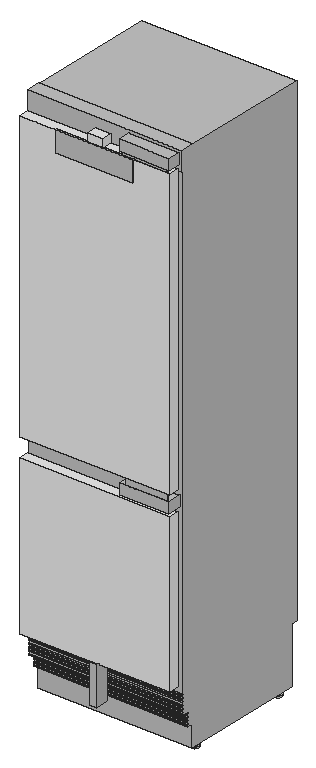
Revit family "FP_Revit_18_RS6121WRUK1_Fridge_90001108A", category Specialty Equipment, Revit 2018
Family settings
  Round Connector Dimension = Use Diameter
  Part Type = Normal
  OmniClass Number = 23.40.40.11.11
  OmniClass Title = Refrigerators and Freezers
  Work Plane-Based = No
  Always vertical = Yes
  Cut with Voids When Loaded = Yes
  Shared = No
  Room Calculation Point = No
Parameters
  Visibility - Visibility Control Note = yes
  Visibility - Clearance Required = yes
  URL = "www.fisherpaykel.com"
  Stainless Steel Door Panels (RD6121WRD) = no
  Product - Width = 603 mm  # constant formula
  Product - Height = 2134 mm  # constant formula
  Product - Depth (exl front panel) = 610 mm  # constant formula
  Model = "RS6121WRUK1"
  Material - Handle = Fisher & Paykel - Aluminium, Dark
  Material - Door Structure = Fisher & Paykel - White
  Material - Door Front = Fisher & Paykel - Stainless Steel
  Material - Body = Fisher & Paykel - Grey
  Manufacturer = "Fisher & Paykel Appliances"
  Handle Style - Contemporary Square Fine Black (AHD5RD6121WB) = no
  Handle Style - Contemporary Square Fine (AHD5RD6121W) = no
  Handle Style - Contemporary Square (AHD3RD6121W) = no
  Handle Style - Contemporary Round (AHSRD6121W) = no
  Description = "61cm Integrated Column Refrigerator/Freezer with Ice & Water"
  Connector Description - Water = "1/2 BSP Stainless steel braided hose"
  Connector Description - Electrical = "230 V, 10 amp fused electrical supply"
  Cavity - Width = 610 mm  # constant formula
  Cavity - Height = 2134 mm  # constant formula
  Cavity - Depth = 650 mm  # constant formula
Reference planes
  plane 1 "Datum": y = 0
  plane 2: z = 0
  plane 3 "Center (Left/Right)": x = 0
  plane 4 "Product LHS": x = -301.5
  plane 5 "Product RHS": x = 301.5
  plane 6 "Product - Depth": y = 610
  plane 7: x = -305
  plane 8: x = 305
  plane 9 "Cavity - Depth": y = 628
  plane 10 "Handle Offset": x = -238.5
  plane 11 "Product Height": z = 2134
  plane 12 "Cavity Height": z = 2134
  plane 13 "Door Panel Datum": y = -4.1
Forms (mm)
  Extrusion 1, solid, material "Fisher & Paykel - Grey" <- "Material - Body", detail levels fine
    sketch origin (0, 0, 0) x (0, 1, 0) y (0, 0, 1)
      loop
        line (100.1, 19.1) -> (587.9, 19.1) -> (587.9, 239.7) -> (610, 239.7) -> (610, 2132.3) -> (105.1, 2132.3) -> (105.1, 2134) -> (49.9, 2134) -> (49.9, 2059) -> (56, 2059) -> (56, 228.6) -> (59.5, 228.6) -> (59.5, 219.7) -> (56.5, 219.7) -> (56.5, 215.9) -> (59.5, 215.9) -> (59.5, 207) -> (56.5, 207) -> (56.5, 203.2) -> (59.5, 203.2) -> (59.5, 194.3) -> (56.5, 194.3) -> (56.5, 190.5) -> (59.5, 190.5) -> (59.5, 181.6) -> (56.5, 181.6) -> (56.5, 177.8) -> (59.5, 177.8) -> (59.5, 168.9) -> (56.5, 168.9) -> (56.5, 165.1) -> (59.5, 165.1) -> (59.5, 156.2) -> (56.5, 156.2) -> (56.5, 152.4) -> (84.1, 152.4) -> (84.1, 143.5) -> (81.1, 143.5) -> (81.1, 139.7) -> (84.1, 139.7) -> (84.1, 130.8) -> (81.1, 130.8) -> (81.1, 127) -> (84.1, 127) -> (84.1, 118.1) -> (81.1, 118.1) -> (81.1, 114.3) -> (84.1, 114.3) -> (84.1, 105.4) -> (81.1, 105.4) -> (81.1, 101.6) -> (100.1, 101.6) -> (100.1, 19.1)
    from -301.5 to 301.5
  Extrusion 2, solid, material "Fisher & Paykel - Grey" <- "Material - Body"
    sketch origin (0, 0, 0) x (1, 0, 0) y (0, 1, 0)
      loop
        circle (-281, 547.8) r 4.1
      loop
        circle (-281, 141.8) r 4.1
      loop
        circle (281, 547.8) r 4.1
      loop
        circle (281, 141.8) r 4.1
    from 3 to 19.1
  Extrusion 3, solid, material "Fisher & Paykel - Grey" <- "Material - Body"
    sketch origin (0, 0, 0) x (1, 0, 0) y (0, 1, 0)
      loop
        circle (-281, 547.8) r 14.5
      loop
        circle (-281, 141.8) r 14.555
      loop
        circle (281, 547.8) r 14.5
      loop
        circle (281, 141.8) r 14.555
    from 0 to 3
  Extrusion 4, solid, material "Fisher & Paykel - Grey" <- "Material - Body", detail levels fine
    sketch origin (0, 0, 0) x (1, 0, 0) y (0, 1, 0)
      loop
        line (-7.5, 49) -> (-13.797, -4.1) -> (13.797, -4.1) -> (7.5, 49) -> (-7.5, 49)
    from 104.2 to 253.8
  Extrusion 5, solid, material "Fisher & Paykel - Grey" <- "Material - Body", detail levels fine
    sketch origin (0, 0, 0) x (1, 0, 0) y (0, 0, 1)
      loop
        line (289.9, 2123.15) -> (95.42, 2123.15) -> (95.42, 2081.05) -> (289.9, 2081.05) -> (289.9, 2123.15)
    from -49 to -2.5
  Extrusion 6, solid, material "Fisher & Paykel - Grey" <- "Material - Body", detail levels fine
    sketch origin (0, 0, 0) x (0, 1, 0) y (0, 0, 1)
      loop
        line (0, 2070.6) -> (0, 1988.6) -> (2, 1988.6) -> (2, 2068.6) -> (4, 2068.6) -> (4, 2070.6) -> (0, 2070.6)
    from -150 to 150
  Extrusion 7, solid, material "Fisher & Paykel - Grey" <- "Material - Body"
    sketch origin (0, 0, 0) x (1, 0, 0) y (0, 0, 1)
      loop
        circle (226.5, 119.813) r 5
      loop
        circle (-226.5, 119.813) r 5
    from -590 to -587.9
  Extrusion 8, solid, material "Fisher & Paykel - White" <- "Material - Door Structure"
    sketch origin (0, 0, 0) x (1, 0, 0) y (0, 1, 0)
      loop
        line (-276.5, 56) -> (-276.5, 42) -> (276.5, 42) -> (276.5, 56) -> (-276.5, 56)
    from 951.3 to 2030.7
  Extrusion 9, solid, material "Fisher & Paykel - White" <- "Material - Door Structure"
    sketch origin (0, 0, 0) x (1, 0, 0) y (0, 1, 0)
      loop
        line (-292.9, 42) -> (-292.9, 3) -> (292.9, 3) -> (292.9, 42) -> (-292.9, 42)
    from 943.8 to 2068.6
  Extrusion 10, solid, material "Fisher & Paykel - White" <- "Material - Door Structure", detail levels fine
    sketch origin (0, 0, 0) x (1, 0, 0) y (0, 0, 1)
      loop
        line (-29.5, 2100.1) -> (-29.5, 2068.6) -> (29.5, 2068.6) -> (29.5, 2100.1) -> (-29.5, 2100.1)
    from -42 to -3
  Extrusion 11, solid, material "Fisher & Paykel - Stainless Steel" <- "Material - Door Front", visible <- "Stainless Steel Door Panels (RD6121WRD)"
    sketch origin (0, 0, 0) x (0, 1, 0) y (0, 0, 1)
      loop
        line (-22.1, 2130.8) -> (-22.1, 876.3) -> (-4.1, 876.3) -> (-4.1, 2130.8) -> (-22.1, 2130.8)
      loop
        line (-22.1, 102) -> (-4.1, 102) -> (-4.1, 873.1) -> (-22.1, 873.1) -> (-22.1, 102)
    from -301.5 to 301.5
  Extrusion 12, solid, material "Fisher & Paykel - Grey" <- "Material - Body", detail levels coarse+medium
    sketch origin (0, 0, 0) x (0, 1, 0) y (0, 0, 1)
      loop
        line (49.9, 2134) -> (49.9, 2059) -> (56, 2059) -> (56, 152.4) -> (81.1, 152.4) -> (81.1, 101.6) -> (100.1, 101.6) -> (100.1, 19.1) -> (587.9, 19.1) -> (587.9, 239.7) -> (610, 239.7) -> (610, 2134) -> (49.9, 2134)
    from -301.5 to 301.5
  Extrusion 13, solid, material "Fisher & Paykel - Grey" <- "Material - Body", detail levels fine
    sketch origin (0, 0, 0) x (1, 0, 0) y (0, 0, 1)
      loop
        line (289.9, 877.25) -> (289.9, 919.35) -> (95.42, 919.35) -> (95.42, 877.25) -> (289.9, 877.25)
    from -56 to -2.5
  Extrusion 14, solid, material "Fisher & Paykel - Grey" <- "Material - Body", detail levels fine
    sketch origin (0, 0, -4) x (0, 1, 0) y (0, 0, 1)
      loop
        arc (163.888, 23.1) -> (180.4, 13.63) -> (196.912, 23.1) r 19.13
        line (196.912, 23.1) -> (163.888, 23.1)
      loop
        arc (493.888, 23.1) -> (510.4, 13.63) -> (526.912, 23.1) r 19.13
        line (526.912, 23.1) -> (493.888, 23.1)
    from 191 to 219
  Extrusion 15, solid, material "Fisher & Paykel - Grey" <- "Material - Body", detail levels fine
    sketch origin (0, 0, -4) x (0, 1, 0) y (0, 0, -1)
      loop
        line (163.888, -23.1) -> (196.912, -23.1)
        arc (196.912, -23.1) -> (180.4, -13.63) -> (163.888, -23.1) r 19.13
      loop
        line (493.888, -23.1) -> (526.912, -23.1)
        arc (526.912, -23.1) -> (510.4, -13.63) -> (493.888, -23.1) r 19.13
    from 191 to 219
  Extrusion 16, solid, material "Fisher & Paykel - Clearance Required", visible <- "Visibility - Clearance Required", detail levels coarse
    sketch origin (0, 0, 0) x (1, 0, 0) y (0, 1, 0)
      loop
        line (-305, 628) -> (-305, -4.1) -> (305, -4.1) -> (305, 628) -> (-305, 628)
    from 0 to 2134
  Extrusion 17, void
    sketch origin (0, 0, 0) x (1, 0, 0) y (0, 1, 0)
      loop
        line (-305, 628) -> (-305, -22.1) -> (305, -22.1) -> (305, 628) -> (-305, 628)
    from 0 to 2134
  Extrusion 18, solid, material "Fisher & Paykel - Grey" <- "Material - Body", detail levels fine
    sketch origin (0, 0, 0) x (1, 0, 0) y (0, 0, 1)
      loop
        line (118.4, 943.8) -> (118.4, 919.35) -> (282.9, 919.35) -> (282.9, 943.8) -> (118.4, 943.8)
      loop
        line (106, 2081.05) -> (106, 2068.6) -> (282.9, 2068.6) -> (282.9, 2076.05) -> (242.9, 2081.05) -> (106, 2081.05)
    from -7 to -4
  Extrusion 19, solid, material "Fisher & Paykel - White" <- "Material - Door Structure"
    sketch origin (0, 0, 0) x (1, 0, 0) y (0, 1, 0)
      loop
        line (-292.9, 42) -> (-292.9, 3) -> (292.9, 3) -> (292.9, 42) -> (-292.9, 42)
    from 253.8 to 868.15
  Extrusion 20, solid, material "Fisher & Paykel - White" <- "Material - Door Structure"
    sketch origin (0, 0, 0) x (1, 0, 0) y (0, 1, 0)
      loop
        line (-276.5, 56) -> (-276.5, 42) -> (276.5, 42) -> (276.5, 56) -> (-276.5, 56)
    from 269.2 to 858.13
  Extrusion 21, solid, material "Fisher & Paykel - Clearance Required", visible <- "Visibility - Clearance Required", detail levels coarse
    sketch origin (0, 0, 0) x (0, 1, 0) y (0, 0, 1)
      loop
        line (-422.1, 873.1) -> (-422.1, 818.896) -> (-482.1, 818.896) -> (-482.1, 781.896) -> (-422.1, 781.896) -> (-422.1, 101.6) -> (-22.1, 101.6) -> (-22.1, 873.1) -> (-422.1, 873.1)
    from -305 to 305
  Extrusion 22, solid, material "Fisher & Paykel - Clearance Required", visible <- "Visibility - Clearance Required", detail levels coarse
    sketch origin (0, 0, 0) x (1, 0, 0) y (0, 1, 0)
      loop
        line (301.57, -22) -> (-301.499, -22)
        arc (-301.499, -22) -> (-14.719, -560.594) -> (593.643, -607.728) r 633.937
        line (593.643, -607.728) -> (571.638, -560.412) -> (599.086, -547.613)
        arc (599.086, -547.613) -> (608.033, -523.032) -> (583.452, -514.085) r 18.497
        line (583.452, -514.085) -> (556.046, -526.865) -> (339.373, -60.633)
        arc (339.373, -60.633) -> (304.463, -56.981) -> (301.57, -22) r 27.504
    from 876.3 to 2134
Lines and regions (mm)
  model lines, style "Fisher & Paykel"
    curve 1: line (-301.5, -4.1, 2130.8) -> (301.5, -4.1, 2130.8)
    curve 2: line (-301.5, -4.1, 876.3) -> (-301.5, -4.1, 2130.8)
    curve 3: line (301.5, -4.1, 876.3) -> (-301.5, -4.1, 876.3)
    curve 4: line (301.5, -4.1, 2130.8) -> (301.5, -4.1, 876.3)
    curve 5: line (301.5, -4.1, 873.1) -> (-301.5, -4.1, 873.1)
    curve 6: line (301.5, -4.1, 102) -> (301.5, -4.1, 873.1)
    curve 7: line (-301.5, -4.1, 102) -> (301.5, -4.1, 102)
    curve 8: line (-301.5, -4.1, 873.1) -> (-301.5, -4.1, 102)
Text (mm)
  text "Due to ongoing product development, product details are subject to change without notice. \nPlease always refer to www.fisherpaykel.com for the most current product information. \n© Fisher & Paykel 2020" at (41.04, -678.295, 0), in view "Ref. Level (Plan)"
Dimensions and locks
  equal spacing: plane 4 "Product LHS", plane 3 "Center (Left/Right)", plane 5 "Product RHS"
  "Product - Width": plane 4 "Product LHS" to plane 5 "Product RHS"
  "Product - Depth (exl front panel)": plane 1 "Datum" to plane 6 "Product - Depth"
  equal spacing: plane 7, plane 3 "Center (Left/Right)", plane 8
  "Cavity - Width": plane 7 to plane 8
  plane 4 "Product LHS" to Extrusion 2 sketch curve = 24.6 mm
  plane 4 "Product LHS" to plane 10 "Handle Offset" = 63 mm
  Extrusion 7 sketch curve to Extrusion 1 = 119.887 mm  (x2)
  Extrusion 7 sketch curve to plane 5 "Product RHS" = 75 mm
  plane 4 "Product LHS" to Extrusion 7 sketch curve = 75 mm
  Extrusion 1 sketch curve to Extrusion 1 sketch curve = 82.5 mm
  Extrusion 1 sketch curve to Extrusion 1 sketch curve = 209.5 mm
  Extrusion 1 sketch curve to Extrusion 1 sketch curve = 220.6 mm
  Extrusion 3 to level = 3 mm
  Extrusion 12 to Extrusion 9 = 924.7 mm
  Extrusion 12 to Extrusion 8 = 932.2 mm
  Extrusion 12 to Extrusion 12 = 2114.9 mm
  Extrusion 12 to Extrusion 11 = 82.9 mm
  "Product - Height": level to plane 11 "Product Height"
  plane 11 "Product Height" to Extrusion 11 = 3.2 mm
  Extrusion 9 to plane 11 "Product Height" = 65.4 mm
  Extrusion 8 to plane 11 "Product Height" = 103.3 mm
  Extrusion 12 sketch curve to plane 11 "Product Height" = 75 mm
  Extrusion 1 sketch curve to plane 11 "Product Height" = 1.7 mm
  Extrusion 1 sketch curve to plane 11 "Product Height" = 75 mm
  "Cavity - Height": plane 12 "Cavity Height" to level
  plane 1 "Datum" to Extrusion 16 = 628 mm
  plane 1 "Datum" to Extrusion 17 = 628 mm
  Extrusion 18 sketch curve to Extrusion 18 sketch curve = 40 mm
  Extrusion 18 sketch curve to plane 3 "Center (Left/Right)" = 106 mm
  Extrusion 18 sketch curve to Extrusion 18 sketch curve = 176.9 mm
  Extrusion 18 sketch curve to plane 3 "Center (Left/Right)" = 118.4 mm
  plane 3 "Center (Left/Right)" to Extrusion 18 sketch curve = 282.9 mm
  Extrusion 17 to level = 2134 mm
  "Cavity - Depth": Extrusion 17 to Extrusion 22
  Extrusion 22 to plane 1 "Datum" = 22 mm
  radius of Extrusion 7 sketch curve = 5 mm
  aligned and locked: level to plane 2
  aligned and locked: Extrusion 11 to plane 5 "Product RHS"
  aligned and locked: plane 4 "Product LHS" to Extrusion 11
  aligned and locked: Extrusion 12 to plane 5 "Product RHS"
  aligned and locked: Extrusion 12 to plane 4 "Product LHS"
  aligned and locked: Extrusion 12 sketch curve to plane 11 "Product Height"
  aligned and locked: plane 11 "Product Height" to Extrusion 1 sketch curve
  aligned and locked: Extrusion 14 sketch curve to Extrusion 14 sketch curve
  aligned and locked: Extrusion 15 sketch curve to Extrusion 15 sketch curve
  aligned and locked: Extrusion 1 to plane 5 "Product RHS"
  aligned and locked: plane 4 "Product LHS" to Extrusion 1
  aligned and locked: nested 2 to plane 10 "Handle Offset"
  aligned and locked: nested 3 to plane 10 "Handle Offset"
  aligned and locked: nested 4 to plane 10 "Handle Offset"
  aligned and locked: nested 5 to plane 10 "Handle Offset"
Automatic sketch dimensions
  Extrusion 1 sketch curve to plane 6 "Product - Depth" = 0 mm
  Extrusion 1 sketch curve to Extrusion 1 sketch curve = 22.1 mm
  Extrusion 1 sketch curve to plane 1 "Datum" = 105.1 mm
  level to Extrusion 1 sketch curve = 19.1 mm
  Extrusion 1 sketch curve to plane 1 "Datum" = 100.1 mm
  Extrusion 1 sketch curve to Extrusion 1 sketch curve = 16 mm
  Extrusion 1 sketch curve to Extrusion 1 sketch curve = 0 mm  (x8)
  Extrusion 1 sketch curve to Extrusion 1 sketch curve = 3 mm  (x10)
  Extrusion 1 sketch curve to plane 1 "Datum" = 59.5 mm
  Extrusion 1 sketch curve to plane 1 "Datum" = 56 mm
  Extrusion 1 sketch curve to plane 1 "Datum" = 49.9 mm
  Extrusion 1 sketch curve to Extrusion 1 sketch curve = 3.8 mm  (x10)
  Extrusion 1 sketch curve to Extrusion 1 sketch curve = 8.9 mm  (x9)
  Extrusion 2 sketch curve to plane 4 "Product LHS" = 20.5 mm  (x2)
  plane 5 "Product RHS" to Extrusion 2 sketch curve = 20.5 mm  (x2)
  Extrusion 2 sketch curve to plane 1 "Datum" = 141.8 mm  (x2)
  Extrusion 2 sketch curve to plane 6 "Product - Depth" = 62.2 mm  (x2)
  Extrusion 3 sketch curve to plane 4 "Product LHS" = 20.5 mm  (x2)
  plane 5 "Product RHS" to Extrusion 3 sketch curve = 20.5 mm  (x2)
  Extrusion 3 sketch curve to plane 1 "Datum" = 141.8 mm  (x2)
  Extrusion 3 sketch curve to plane 6 "Product - Depth" = 62.2 mm  (x2)
  plane 1 "Datum" to Extrusion 4 sketch curve = 4.1 mm
  Extrusion 4 sketch curve to plane 3 "Center (Left/Right)" = 13.797 mm
  Extrusion 4 sketch curve to plane 3 "Center (Left/Right)" = 7.5 mm
  plane 3 "Center (Left/Right)" to Extrusion 4 sketch curve = 7.5 mm
  plane 3 "Center (Left/Right)" to Extrusion 4 sketch curve = 13.797 mm
  Extrusion 4 sketch curve to plane 1 "Datum" = 49 mm
  plane 11 "Product Height" to Extrusion 5 sketch curve = 10.85 mm
  plane 3 "Center (Left/Right)" to Extrusion 5 sketch curve = 95.42 mm
  plane 5 "Product RHS" to Extrusion 5 sketch curve = 11.6 mm
  Extrusion 5 sketch curve to Extrusion 5 sketch curve = 42.1 mm
  Extrusion 6 sketch curve to plane 1 "Datum" = 0 mm
  Extrusion 6 sketch curve to plane 1 "Datum" = 2 mm
  Extrusion 6 sketch curve to Extrusion 6 sketch curve = 2 mm  (x2)
  plane 11 "Product Height" to Extrusion 6 sketch curve = 145.4 mm
  plane 11 "Product Height" to Extrusion 6 sketch curve = 65.4 mm
  Extrusion 8 sketch curve to plane 4 "Product LHS" = 25 mm
  plane 5 "Product RHS" to Extrusion 8 sketch curve = 25 mm
  Extrusion 8 sketch curve to plane 1 "Datum" = 42 mm
  Extrusion 8 sketch curve to Extrusion 8 sketch curve = 14 mm
  Extrusion 9 sketch curve to plane 1 "Datum" = 3 mm
  Extrusion 9 sketch curve to plane 4 "Product LHS" = 8.6 mm
  plane 5 "Product RHS" to Extrusion 9 sketch curve = 8.6 mm
  Extrusion 9 sketch curve to Extrusion 9 sketch curve = 39 mm
  Extrusion 10 sketch curve to plane 3 "Center (Left/Right)" = 29.5 mm
  plane 3 "Center (Left/Right)" to Extrusion 10 sketch curve = 29.5 mm
  plane 11 "Product Height" to Extrusion 10 sketch curve = 65.4 mm
  Extrusion 10 sketch curve to Extrusion 10 sketch curve = 31.5 mm
  Extrusion 12 sketch curve to plane 6 "Product - Depth" = 0 mm
  Extrusion 12 sketch curve to plane 6 "Product - Depth" = 22.1 mm
  Extrusion 12 sketch curve to plane 1 "Datum" = 100.1 mm
  Extrusion 12 sketch curve to Extrusion 12 sketch curve = 19 mm
  Extrusion 12 sketch curve to plane 1 "Datum" = 56 mm
  Extrusion 12 sketch curve to plane 1 "Datum" = 49.9 mm
  level to Extrusion 12 sketch curve = 239.7 mm
  level to Extrusion 12 sketch curve = 152.4 mm
  Extrusion 12 sketch curve to Extrusion 12 sketch curve = 50.8 mm
  level to Extrusion 12 sketch curve = 19.1 mm
  plane 3 "Center (Left/Right)" to Extrusion 13 sketch curve = 95.42 mm
  plane 5 "Product RHS" to Extrusion 13 sketch curve = 11.6 mm
  level to Extrusion 13 sketch curve = 877.25 mm
  Extrusion 13 sketch curve to Extrusion 13 sketch curve = 42.1 mm
  level to Extrusion 14 sketch curve = 19.1 mm
  Extrusion 14 sketch curve to plane 1 "Datum" = 163.888 mm
  Extrusion 14 sketch curve to Extrusion 14 sketch curve = 16.512 mm  (x2)
  Extrusion 14 sketch curve to plane 6 "Product - Depth" = 116.112 mm
  Extrusion 14 sketch curve to Extrusion 14 sketch curve = 9.66 mm  (x2)
  level to Extrusion 15 sketch curve = 19.1 mm
  Extrusion 15 sketch curve to plane 1 "Datum" = 163.888 mm
  Extrusion 15 sketch curve to Extrusion 15 sketch curve = 16.512 mm  (x2)
  Extrusion 15 sketch curve to plane 6 "Product - Depth" = 116.112 mm
  Extrusion 15 sketch curve to Extrusion 15 sketch curve = 9.66 mm  (x2)
  Extrusion 16 sketch curve to plane 7 = 0 mm
  Extrusion 16 sketch curve to plane 8 = 0 mm
  Extrusion 16 sketch curve to plane 9 "Cavity - Depth" = 0 mm
  plane 1 "Datum" to Extrusion 16 sketch curve = 4.1 mm
  Extrusion 17 sketch curve to plane 7 = 0 mm
  Extrusion 17 sketch curve to plane 8 = 0 mm
  Extrusion 17 sketch curve to plane 9 "Cavity - Depth" = 0 mm
  plane 1 "Datum" to Extrusion 17 sketch curve = 22.1 mm
  level to Extrusion 18 sketch curve = 919.35 mm
  Extrusion 18 sketch curve to Extrusion 18 sketch curve = 24.45 mm
  plane 11 "Product Height" to Extrusion 18 sketch curve = 65.4 mm
  Extrusion 18 sketch curve to Extrusion 18 sketch curve = 7.45 mm
  Extrusion 18 sketch curve to Extrusion 18 sketch curve = 5 mm
  Extrusion 19 sketch curve to plane 1 "Datum" = 3 mm
  Extrusion 19 sketch curve to plane 4 "Product LHS" = 8.6 mm
  plane 5 "Product RHS" to Extrusion 19 sketch curve = 8.6 mm
  Extrusion 19 sketch curve to Extrusion 19 sketch curve = 39 mm
  Extrusion 20 sketch curve to plane 4 "Product LHS" = 25 mm
  plane 5 "Product RHS" to Extrusion 20 sketch curve = 25 mm
  Extrusion 20 sketch curve to plane 1 "Datum" = 42 mm
  Extrusion 20 sketch curve to Extrusion 20 sketch curve = 14 mm
  plane 1 "Datum" to Extrusion 21 sketch curve = 482.1 mm
  Extrusion 21 sketch curve to Extrusion 21 sketch curve = 60 mm
  Extrusion 21 sketch curve to Extrusion 21 sketch curve = 0 mm
  plane 1 "Datum" to Extrusion 21 sketch curve = 22.1 mm
  level to Extrusion 21 sketch curve = 101.6 mm
  Extrusion 21 sketch curve to Extrusion 21 sketch curve = 680.296 mm
  Extrusion 21 sketch curve to Extrusion 21 sketch curve = 37 mm
  Extrusion 21 sketch curve to Extrusion 21 sketch curve = 54.204 mm
  Extrusion 22 sketch curve to plane 4 "Product LHS" = 0.001 mm
  Extrusion 22 sketch curve to plane 5 "Product RHS" = 0.07 mm
  Extrusion 22 sketch curve to plane 8 = 19.121 mm
  Extrusion 22 sketch curve to Extrusion 22 sketch curve = 8.265 mm
  Extrusion 22 sketch curve to Extrusion 22 sketch curve = 15.252 mm
  Extrusion 22 sketch curve to plane 8 = 251.046 mm
  Extrusion 22 sketch curve to Extrusion 22 sketch curve = 15.592 mm
  Extrusion 22 sketch curve to Extrusion 22 sketch curve = 27.406 mm
  Extrusion 22 sketch curve to Extrusion 22 sketch curve = 7.817 mm  (x2)
  Extrusion 22 sketch curve to Extrusion 22 sketch curve = 22.005 mm
  plane 1 "Datum" to Extrusion 22 sketch curve = 607.728 mm
  Extrusion 22 sketch curve to Extrusion 22 sketch curve = 47.316 mm
  Extrusion 22 sketch curve to Extrusion 22 sketch curve = 12.799 mm
  Extrusion 22 sketch curve to Extrusion 22 sketch curve = 16.764 mm
  Extrusion 22 sketch curve to Extrusion 22 sketch curve = 12.78 mm
  plane 1 "Datum" to Extrusion 22 sketch curve = 60.633 mm
  Extrusion 22 sketch curve to Extrusion 22 sketch curve = 22.887 mm
  plane 1 "Datum" to Extrusion 11 sketch curve = 22.1 mm
  plane 1 "Datum" to Extrusion 11 sketch curve = 4.1 mm
  level to Extrusion 11 sketch curve = 102 mm
  plane 11 "Product Height" to Extrusion 11 sketch curve = 3.2 mm
  Extrusion 11 sketch curve to Extrusion 11 sketch curve = 3.2 mm
  Extrusion 11 sketch curve to Extrusion 11 sketch curve = 771.1 mm
  Extrusion 11 sketch curve to Extrusion 11 sketch curve = 0 mm  (x2)
  plane 5 "Product RHS" to curve 5 = 0 mm
  plane 5 "Product RHS" to curve 1 = 0 mm
  plane 4 "Product LHS" to curve 5 = 0 mm
  plane 4 "Product LHS" to curve 2 = 0 mm
  level to curve 6 = 102 mm
  curve 6 to curve 6 = 771.1 mm
  curve 5 to curve 2 = 3.2 mm
  plane 11 "Product Height" to curve 2 = 3.2 mm
  radius of Extrusion 2 sketch curve = 4.1 mm  (x3)
  radius of Extrusion 3 sketch curve = 14.5 mm  (x2)
  radius of Extrusion 3 sketch curve = 14.555 mm  (x2)
  radius of Extrusion 7 sketch curve = 5 mm
Nested families
  nested 1: "Visibility Control Note 18" at (0, 0, 0), visible <- "Visibility - Visibility Control Note", type "Visibility Control Note 18"
  nested 2: "Handle Contemporary Round - Vertical" at (-238.5, -22.1, 1322.58), visible <- "Handle Style - Contemporary Round (AHSRD6121W)", type "AHSRD6121W - Contemporary round handle (1 of 2) (Vertical) 727mm"
  nested 3: "Handle Contemporary Square - Vertical" at (-238.5, -22.1, 1322.58), visible <- "Handle Style - Contemporary Square (AHD3RD6121W)", type "AHD3RD6121W - Contemporary square handle (1 of 2) (Vertical) 727mm"
  nested 4: "F&P Handle Kit - Contemporary Square Fine - Vertical" at (-238.5, -22.1, 1322.58), visible <- "Handle Style - Contemporary Square Fine Black (AHD5RD6121WB)", type "AHD5RD6121WB - Contemporary square fine black handle (1 of 2) (Vertical) 727mm"
  nested 5: "F&P Handle Kit - Contemporary Square Fine - Vertical" at (-238.5, -22.1, 1322.58), visible <- "Handle Style - Contemporary Square Fine (AHD5RD6121W)", type "AHD5RD6121W - Contemporary square fine handle (1 of 2) (Vertical) 727mm"
  nested 6: "Handle Contemporary Round - Horizontal" at (0, -22.1, 800.364), visible <- "Handle Style - Contemporary Round (AHSRD6121W)", type "AHSRD6121W - Contemporary round handle (2 of 2) (Horizontal) 494mm"
  nested 7: "Handle Contemporary Square - Horizontal" at (0, -22.1, 800.364), visible <- "Handle Style - Contemporary Square (AHD3RD6121W)", type "AHD3RD6121W - Contemporary square handle (2 of 2) (Horizontal) 494mm"
  nested 8: "F&P Handle Kit - Contemporary Square Fine - Horizontal" at (0, -22.1, 800.364), visible <- "Handle Style - Contemporary Square Fine Black (AHD5RD6121WB)", type "AHD5RD6121WB - Contemporary square fine handle black (2 of 2) (Horizontal) 494mm"
  nested 9: "F&P Handle Kit - Contemporary Square Fine - Horizontal" at (0, -22.1, 800.364), visible <- "Handle Style - Contemporary Square Fine (AHD5RD6121W)", type "AHD5RD6121W - Contemporary square fine handle (2 of 2) (Horizontal) 494mm"
Connectors
  electrical at (-226.5, 590, 119.813), driven by "Connector Description - Electrical"
    settings: on Extrusion 7, index 1, voltage 230 V, apparent load 0 VA, apparent load phase1 0 VA, apparent load phase2 0 VA, apparent load phase3 0 VA, power factor 1, load classification "Other", number of poles 1, system type 30, power factor state 1, is connector primary yes, connector utility no, sub classification motor no, connector description "230 V, 10 amp fused electrical supply"
  piping at (226.5, 590, 119.813), diameter 12.7, driven by "Connector Description - Water"
    settings: on Extrusion 7, index 2, connector inside diameter 609.6 mm, connector length 0 mm, flow factor 0, pipe flow 0.0 L/s, pressure drop 0.0 Pa, fitting loss kfactor 0, connector angle 0.00°, fixture units 0, engagement length 0 mm, angle of deflection 0.00°, flow configuration 0, flow direction 1, fitting loss method 0, system type 20, joint type 0, gender type 0, connector reference index -1, connector utility 1, adjustable connector no, is connector primary yes, connector description "1/2 BSP Stainless steel braided hose"
Definition of nested family "Handle Contemporary Round - Vertical"
  Parameters (values of type "AHSRD7621W - Contemporary round handle (1 of 2) (Vertical) 727mm")
    URL = "www.fisherpaykel.com"
    Material - Handle = none
    Manufacturer = "Fisher & Paykel Appliances"
    Handle - Length = 727 mm
  Types (8, lengths in mm): name | Handle - Length
    AHS-RD21 - Contemporary round handle (Vertical) 852mm | 852
    AHSRD2484W - Contemporary round handle (1 of 2) (Vertical) 727mm | 727
    AHSRD3084W - Contemporary round handle (1 of 2) (Vertical) 727mm | 727
    AHS-RD84 - Contemporary round handle (Vertical) 852mm | 852
    AHSRS3272A - Contemporary round handle (1 of 2) (Vertical) 727mm | 727
    AHSRS80A - Contemporary round handle (1 of 2) (Vertical) 727mm | 727
    AHSRD6121W - Contemporary round handle (1 of 2) (Vertical) 727mm | 727
    AHSRD7621W - Contemporary round handle (1 of 2) (Vertical) 727mm | 727
  Reference planes
    plane 1 "Center (Front/Back)": y = 0
    plane 2: z = 0
    plane 3 "Center (Left/Right)": x = 0
    plane 4 "Top": z = 363.5
    plane 5 "Bottom": z = -363.5
    plane 6 "Top Standoff": z = 243.5
    plane 7 "Bottom Standoff": z = -243.5
  Forms (mm)
    Extrusion 1, solid, material <- "Material - Handle"
      sketch origin (0, 0, 0) x (1, 0, 0) y (0, 1, 0)
        loop
          circle (0, -32.3) r 8.7
      from -243.5 to 243.5
    Extrusion 2, solid, material <- "Material - Handle", detail levels fine
      sketch origin (0, 0, 0) x (1, 0, 0) y (0, 1, 0)
        loop
          line (-8.7, 0) -> (-8.7, -32.3)
          arc (-8.7, -32.3) -> (0, -41) -> (8.7, -32.3) r 8.7
          line (8.7, -32.3) -> (8.7, 0) -> (-8.7, 0)
      from 243.5 to 363.5
    Extrusion 3, solid, material <- "Material - Handle", detail levels fine
      sketch origin (0, 0, 0) x (1, 0, 0) y (0, 1, 0)
        loop
          line (-8.7, 0) -> (-8.7, -32.3)
          arc (-8.7, -32.3) -> (0, -41) -> (8.7, -32.3) r 8.7
          line (8.7, -32.3) -> (8.7, 0) -> (-8.7, 0)
      from -363.5 to -243.5
    Sweep 4, void
      path in 3D
        loop
          line (8.7, 0, -363.5) -> (8.7, -32.3, -363.5)
          arc (8.7, -32.3, -363.5) -> (0, -41, -363.5) -> (-8.7, -32.3, -363.5) r 8.7
          line (-8.7, -32.3, -363.5) -> (-8.7, 0, -363.5)
      profile origin (8.7, -16.15, -363.5) x (-1, 0, 0) y (0, 0, -1)
        loop
          line (0, 0) -> (0, -1) -> (1, 0) -> (0, 0)
    Sweep 5, void
      path in 3D
        loop
          line (-8.7, 0, 363.5) -> (-8.7, -32.3, 363.5)
          arc (-8.7, -32.3, 363.5) -> (0, -41, 363.5) -> (8.7, -32.3, 363.5) r 8.7
          line (8.7, -32.3, 363.5) -> (8.7, 0, 363.5)
      profile origin (8.7, -16.15, 363.5) x (-1, 0, 0) y (0, 0, 1)
        loop
          line (0, 0) -> (0, -1) -> (1, 0) -> (0, 0)
    Extrusion 6, solid, material <- "Material - Handle", detail levels coarse+medium
      sketch origin (0, 0, 0) x (1, 0, 0) y (0, 1, 0)
        loop
          line (-8.7, 0) -> (-8.7, -32.3)
          arc (-8.7, -32.3) -> (0, -41) -> (8.7, -32.3) r 8.7
          line (8.7, -32.3) -> (8.7, 0) -> (-8.7, 0)
      from 243.5 to 363.5
    Extrusion 7, solid, material <- "Material - Handle", detail levels coarse+medium
      sketch origin (0, 0, 0) x (1, 0, 0) y (0, 1, 0)
        loop
          line (-8.7, 0) -> (-8.7, -32.3)
          arc (-8.7, -32.3) -> (0, -41) -> (8.7, -32.3) r 8.7
          line (8.7, -32.3) -> (8.7, 0) -> (-8.7, 0)
      from -363.5 to -243.5
  Cuts and joins
    Sweep 4 cuts Extrusion 3
    Sweep 5 cuts Extrusion 2
  Lines and regions (mm)
    sketch lines
      curve 1: line (8.7, 0, -363.5) -> (8.7, -32.3, -363.5)
      curve 2: arc (-8.7, -32.3, -363.5) -> (0, -41, -363.5) -> (8.7, -32.3, -363.5) r 8.7
      curve 3: line (-8.7, -32.3, -363.5) -> (-8.7, 0, -363.5)
      curve 4: line (8.7, -32.3, 363.5) -> (8.7, 0, 363.5)
      curve 5: arc (8.7, -32.3, 363.5) -> (0, -41, 363.5) -> (-8.7, -32.3, 363.5) r 8.7
      curve 6: line (-8.7, 0, 363.5) -> (-8.7, -32.3, 363.5)
  Dimensions and locks
    equal spacing: plane 4 "Top", level, plane 5 "Bottom"
    "Handle - Length": plane 4 "Top" to plane 5 "Bottom"
    locked: plane 4 "Top" to plane 6 "Top Standoff" at 120
    locked: plane 7 "Bottom Standoff" to plane 5 "Bottom" at 120
    Extrusion 2 sketch curve to Extrusion 2 sketch curve = 17.4 mm
    Extrusion 3 sketch curve to Extrusion 3 sketch curve = 17.4 mm
    Extrusion 6 sketch curve to Extrusion 6 sketch curve = 17.4 mm
    Extrusion 7 sketch curve to Extrusion 7 sketch curve = 17.4 mm
    aligned and locked: level to plane 2
    aligned and locked: plane 4 "Top" to Extrusion 2
    aligned and locked: Extrusion 3 to plane 5 "Bottom"
    aligned and locked: plane 7 "Bottom Standoff" to Extrusion 3
    aligned and locked: Extrusion 1 to plane 7 "Bottom Standoff"
    aligned and locked: plane 6 "Top Standoff" to Extrusion 1
    aligned and locked: Extrusion 2 to Extrusion 1
    aligned and locked: Extrusion 6 to Extrusion 1
    aligned and locked: plane 4 "Top" to Extrusion 6
    aligned and locked: Extrusion 7 to Extrusion 1
    aligned and locked: Extrusion 7 to plane 5 "Bottom"
  Automatic sketch dimensions
    Extrusion 1 sketch curve to plane 3 "Center (Left/Right)" = 0 mm
    plane 1 "Center (Front/Back)" to Extrusion 1 sketch curve = 32.3 mm
    plane 1 "Center (Front/Back)" to Extrusion 2 sketch curve = 0 mm
    Extrusion 2 sketch curve to plane 3 "Center (Left/Right)" = 0 mm
    Extrusion 2 sketch curve to plane 3 "Center (Left/Right)" = 8.7 mm
    plane 1 "Center (Front/Back)" to Extrusion 2 sketch curve = 32.3 mm
    plane 1 "Center (Front/Back)" to Extrusion 3 sketch curve = 0 mm
    Extrusion 3 sketch curve to plane 3 "Center (Left/Right)" = 0 mm
    Extrusion 3 sketch curve to plane 3 "Center (Left/Right)" = 8.7 mm
    plane 1 "Center (Front/Back)" to Extrusion 3 sketch curve = 32.3 mm
    Sweep 4 sketch curve to profile plane = 0 mm  (x2)
    Sweep 4 sketch curve to profile plane = 1 mm  (x2)
    Sweep 5 sketch curve to profile plane = 0 mm  (x2)
    Sweep 5 sketch curve to profile plane = 1 mm  (x2)
    Extrusion 6 sketch curve to plane 3 "Center (Left/Right)" = 0 mm
    Extrusion 6 sketch curve to plane 3 "Center (Left/Right)" = 8.7 mm
    plane 1 "Center (Front/Back)" to Extrusion 6 sketch curve = 32.3 mm
    Extrusion 6 sketch curve to Extrusion 6 sketch curve = 32.3 mm
    Extrusion 7 sketch curve to plane 3 "Center (Left/Right)" = 0 mm
    Extrusion 7 sketch curve to plane 3 "Center (Left/Right)" = 8.7 mm
    plane 1 "Center (Front/Back)" to Extrusion 7 sketch curve = 32.3 mm
    Extrusion 7 sketch curve to Extrusion 7 sketch curve = 32.3 mm
    radius of Extrusion 1 sketch curve = 8.7 mm
Definition of nested family "Handle Contemporary Square - Vertical"
  Parameters (values of type "AHD3RD6121W - Contemporary square handle (1 of 2) (Vertical) 727mm")
    URL = "www.fisherpaykel.com"
    Material - Handle = none
    Manufacturer = "Fisher & Paykel Appliances"
    Handle - Length = 727 mm
  Types (9, lengths in mm): name | Handle - Length
    (no name) | 727
    AHD3-RD21 - Contemporary square handle (Vertical) 852mm | 852
    AHD3RD2484W - Contemporary square handle (1 of 2) (Vertical) 727mm | 727
    AHD3RD3084W - Contemporary square handle (1 of 2) (Vertical) 727mm | 727
    AHD3-RD84 - Contemporary square handle (Vertical) 852mm | 852
    AHD3RS3272A - Contemporary square handle (1 of 2) (Vertical) 727mm | 727
    AHD3RS80A - Contemporary square handle (1 of 2) (Vertical) 727mm | 727
    AHD3RD6121W - Contemporary square handle (1 of 2) (Vertical) 727mm | 727
    AHD3RD7621W - Contemporary square handle (1 of 2) (Vertical) 727mm | 727
  Reference planes
    plane 1 "Center (Front/Back)": y = 0
    plane 2: z = 0
    plane 3 "Center (Left/Right)": x = 0
    plane 4 "Top": z = 363.5
    plane 5 "Bottom": z = -363.5
    plane 6 "Top Standoff": z = 243.5
    plane 7 "Bottom Standoff": z = -243.5
  Forms (mm)
    Extrusion 1, solid, material <- "Material - Handle", detail levels fine
      sketch origin (0, 0, 0) x (1, 0, 0) y (0, 1, 0)
        loop
          arc (-7.583, -28.701) -> (-7.89, -29.057) -> (-8, -29.514) r 1
          line (-8, -29.514) -> (-8, -40.5)
          arc (-8, -40.5) -> (-7.561, -41.561) -> (-6.5, -42) r 1.5
          line (-6.5, -42) -> (6.5, -42)
          arc (6.5, -42) -> (7.561, -41.561) -> (8, -40.5) r 1.5
          line (8, -40.5) -> (8, -29.487)
          arc (8, -29.487) -> (7.889, -29.029) -> (7.58, -28.673) r 1
          arc (7.58, -28.673) -> (-0.006, -26.256) -> (-7.583, -28.701) r 13.038
      from -363.5 to 363.5
    Extrusion 2, solid, material <- "Material - Handle", detail levels fine
      sketch origin (0, 0, 0) x (1, 0, 0) y (0, 1, 0)
        loop
          arc (7.058, -28.23) -> (7.466, -28.244) -> (7.674, -27.893) r 0.4
          line (7.674, -27.893) -> (7.674, 0) -> (-7.674, 0) -> (-7.674, -27.86)
          arc (-7.674, -27.86) -> (-7.467, -28.21) -> (-7.06, -28.198) r 0.4
          arc (-7.06, -28.198) -> (0.004, -26.156) -> (7.058, -28.23) r 13.136
      from 243.5 to 363.5
    Extrusion 3, solid, material <- "Material - Handle", detail levels fine
      sketch origin (0, 0, 0) x (1, 0, 0) y (0, 1, 0)
        loop
          arc (7.058, -28.23) -> (7.466, -28.244) -> (7.674, -27.893) r 0.4
          line (7.674, -27.893) -> (7.674, 0) -> (-7.674, 0) -> (-7.674, -27.86)
          arc (-7.674, -27.86) -> (-7.467, -28.21) -> (-7.06, -28.198) r 0.4
          arc (-7.06, -28.198) -> (0.004, -26.156) -> (7.058, -28.23) r 13.136
      from -363.5 to -243.5
    Sweep 4, void
      path in 3D
        loop
          line (-8, -29.514, 363.5) -> (-8, -40.5, 363.5)
          arc (-8, -40.5, 363.5) -> (-7.561, -41.561, 363.5) -> (-6.5, -42, 363.5) r 1.5
          line (-6.5, -42, 363.5) -> (6.5, -42, 363.5)
          arc (6.5, -42, 363.5) -> (7.561, -41.561, 363.5) -> (8, -40.5, 363.5) r 1.5
          line (8, -40.5, 363.5) -> (8, -29.487, 363.5)
      profile origin (8, -34.994, 363.5) x (-1, 0, 0) y (0, 0, 1)
        loop
          line (0, 0) -> (0, -1.3) -> (1.3, 0) -> (0, 0)
    Sweep 5, void
      path in 3D
        loop
          line (8, -29.487, -363.5) -> (8, -40.5, -363.5)
          arc (8, -40.5, -363.5) -> (7.561, -41.561, -363.5) -> (6.5, -42, -363.5) r 1.5
          line (6.5, -42, -363.5) -> (-6.5, -42, -363.5)
          arc (-6.5, -42, -363.5) -> (-7.561, -41.561, -363.5) -> (-8, -40.5, -363.5) r 1.5
          line (-8, -40.5, -363.5) -> (-8, -29.514, -363.5)
      profile origin (8, -34.994, -363.5) x (-1, 0, 0) y (0, 0, -1)
        loop
          line (0, 0) -> (0, -1.3) -> (1.3, 0) -> (0, 0)
    Extrusion 6, void
      sketch origin (0, 0, 0) x (1, 0, 0) y (0, 0, 1)
        loop
          line (-8, -362.2) -> (-8, -363.5) -> (-6.7, -363.5) -> (-8, -362.2)
        loop
          line (8, -362.2) -> (6.7, -363.5) -> (8, -363.5) -> (8, -362.2)
      from 0 to 40
    Extrusion 7, void
      sketch origin (0, 0, 0) x (1, 0, 0) y (0, 0, 1)
        loop
          line (-8, 363.5) -> (-8, 362.2) -> (-6.7, 363.5) -> (-8, 363.5)
        loop
          line (8, 363.5) -> (6.7, 363.5) -> (8, 362.2) -> (8, 363.5)
      from 0 to 40
    Extrusion 8, solid, material <- "Material - Handle", detail levels coarse+medium
      sketch origin (0, 0, 0) x (0, 1, 0) y (0, 0, 1)
        loop
          line (0, 363.5) -> (-42, 363.5) -> (-42, -363.5) -> (0, -363.5) -> (0, -243.5) -> (-26.245, -243.5) -> (-26.245, 243.5) -> (0, 243.5) -> (0, 363.5)
      from -8 to 8
  Cuts and joins
    Sweep 4, Sweep 5, Extrusion 6, Extrusion 7 cuts Extrusion 1
    Extrusion 6 cuts Extrusion 3
    Extrusion 7 cuts Extrusion 2
  Lines and regions (mm)
    sketch lines
      curve 1: line (8, -40.5, 363.5) -> (8, -29.487, 363.5)
      curve 2: arc (8, -40.5, 363.5) -> (7.561, -41.561, 363.5) -> (6.5, -42, 363.5) r 1.5
      curve 3: line (-6.5, -42, 363.5) -> (6.5, -42, 363.5)
      curve 4: arc (-6.5, -42, 363.5) -> (-7.561, -41.561, 363.5) -> (-8, -40.5, 363.5) r 1.5
      curve 5: line (-8, -29.514, 363.5) -> (-8, -40.5, 363.5)
      curve 6: line (8, -29.487, -363.5) -> (8, -40.5, -363.5)
      curve 7: arc (6.5, -42, -363.5) -> (7.561, -41.561, -363.5) -> (8, -40.5, -363.5) r 1.5
      curve 8: line (6.5, -42, -363.5) -> (-6.5, -42, -363.5)
      curve 9: arc (-8, -40.5, -363.5) -> (-7.561, -41.561, -363.5) -> (-6.5, -42, -363.5) r 1.5
      curve 10: line (-8, -40.5, -363.5) -> (-8, -29.514, -363.5)
  Dimensions and locks
    equal spacing: plane 4 "Top", level, plane 5 "Bottom"
    "Handle - Length": plane 4 "Top" to plane 5 "Bottom"
    locked: plane 4 "Top" to plane 6 "Top Standoff" at 120
    locked: plane 7 "Bottom Standoff" to plane 5 "Bottom" at 120
    aligned and locked: level to plane 2
    aligned and locked: plane 4 "Top" to Extrusion 2
    aligned and locked: Extrusion 2 to plane 6 "Top Standoff"
    aligned and locked: plane 4 "Top" to Extrusion 1
    aligned and locked: Extrusion 1 to plane 5 "Bottom"
    aligned and locked: Extrusion 3 to plane 5 "Bottom"
    aligned and locked: plane 7 "Bottom Standoff" to Extrusion 3
    aligned and locked: plane 4 "Top" to Extrusion 8 sketch curve
    aligned and locked: plane 6 "Top Standoff" to Extrusion 8 sketch curve
    aligned and locked: plane 7 "Bottom Standoff" to Extrusion 8 sketch curve
    aligned and locked: plane 5 "Bottom" to Extrusion 8 sketch curve
    aligned and locked: plane 1 "Center (Front/Back)" to Extrusion 8 sketch curve  (x2)
  Automatic sketch dimensions
    Extrusion 1 sketch curve to plane 3 "Center (Left/Right)" = 8 mm
    Extrusion 1 sketch curve to Extrusion 1 sketch curve = 1 mm  (x2)
    Extrusion 1 sketch curve to Extrusion 1 sketch curve = 1.5 mm
    plane 3 "Center (Left/Right)" to Extrusion 1 sketch curve = 0.018 mm
    plane 3 "Center (Left/Right)" to Extrusion 1 sketch curve = 6.5 mm
    plane 3 "Center (Left/Right)" to Extrusion 1 sketch curve = 7 mm
    plane 1 "Center (Front/Back)" to Extrusion 1 sketch curve = 42 mm
    Extrusion 1 sketch curve to Extrusion 1 sketch curve = 1.206 mm
    Extrusion 1 sketch curve to Extrusion 1 sketch curve = 10.986 mm
    Extrusion 1 sketch curve to Extrusion 1 sketch curve = 11.013 mm
    Extrusion 1 sketch curve to Extrusion 1 sketch curve = 0 mm
    plane 1 "Center (Front/Back)" to Extrusion 2 sketch curve = 0 mm
    Extrusion 2 sketch curve to plane 3 "Center (Left/Right)" = 7.674 mm
    Extrusion 2 sketch curve to Extrusion 2 sketch curve = 0.4 mm  (x2)
    Extrusion 2 sketch curve to plane 3 "Center (Left/Right)" = 0.026 mm
    plane 3 "Center (Left/Right)" to Extrusion 2 sketch curve = 7.274 mm
    plane 1 "Center (Front/Back)" to Extrusion 2 sketch curve = 27.86 mm
    Extrusion 2 sketch curve to Extrusion 2 sketch curve = 0.033 mm
    Extrusion 2 sketch curve to Extrusion 2 sketch curve = 11.398 mm
    Extrusion 2 sketch curve to Extrusion 2 sketch curve = 0 mm
    plane 1 "Center (Front/Back)" to Extrusion 3 sketch curve = 0 mm
    Extrusion 3 sketch curve to Extrusion 3 sketch curve = 0.4 mm  (x2)
    Extrusion 3 sketch curve to Extrusion 3 sketch curve = 7.248 mm
    Extrusion 3 sketch curve to Extrusion 3 sketch curve = 7.3 mm
    plane 1 "Center (Front/Back)" to Extrusion 3 sketch curve = 27.86 mm
    Extrusion 3 sketch curve to Extrusion 3 sketch curve = 0.033 mm
    Extrusion 3 sketch curve to Extrusion 3 sketch curve = 11.398 mm
    Extrusion 3 sketch curve to Extrusion 3 sketch curve = 0 mm
    Sweep 4 sketch curve to profile plane = 0 mm  (x2)
    Sweep 4 sketch curve to profile plane = 1.3 mm  (x2)
    Sweep 5 sketch curve to profile plane = 0 mm  (x2)
    Sweep 5 sketch curve to profile plane = 1.3 mm  (x2)
    Extrusion 6 sketch curve to plane 5 "Bottom" = 0 mm  (x2)
    plane 5 "Bottom" to Extrusion 6 sketch curve = 1.3 mm  (x2)
    Extrusion 6 sketch curve to plane 3 "Center (Left/Right)" = 8 mm
    Extrusion 6 sketch curve to Extrusion 6 sketch curve = 1.3 mm  (x2)
    plane 3 "Center (Left/Right)" to Extrusion 6 sketch curve = 8 mm
    Extrusion 7 sketch curve to plane 4 "Top" = 0 mm  (x2)
    Extrusion 7 sketch curve to plane 3 "Center (Left/Right)" = 8 mm
    Extrusion 7 sketch curve to Extrusion 7 sketch curve = 1.3 mm  (x2)
    plane 3 "Center (Left/Right)" to Extrusion 7 sketch curve = 8 mm
    Extrusion 7 sketch curve to plane 4 "Top" = 1.3 mm  (x2)
    plane 1 "Center (Front/Back)" to Extrusion 8 sketch curve = 26.245 mm
    plane 1 "Center (Front/Back)" to Extrusion 8 sketch curve = 42 mm
    Extrusion 3 sketch curve to plane 3 "Center (Left/Right)" = 7.674 mm
Definition of nested family "F&P Handle Kit - Contemporary Square Fine - Vertical"
  Parameters (values of type "AHD5RD90AB - Contemporary square fine black handle (1 of 2) (Vertical) 727mm")
    URL = "www.fisherpaykel.com"
    Material - Handle = none
    Manufacturer = "Fisher & Paykel Appliances"
    Handle - Length = 727 mm
  Types (14): name
    AHD5RD2484W - Contemporary square fine handle (1 of 2) (Vertical) 727mm
    AHD5RD2484WB - Contemporary square fine black handle (1 of 2) (Vertical) 727mm
    AHD5RD3084W - Contemporary square fine handle (1 of 2) (Vertical) 727mm
    AHD5RD3084WB - Contemporary square fine black handle (1 of 2) (Vertical) 727mm
    AHD5RD6121W - Contemporary square fine handle (1 of 2) (Vertical) 727mm
    AHD5RD6121WB - Contemporary square fine black handle (1 of 2) (Vertical) 727mm
    AHD5RD7621W - Contemporary square fine handle (1 of 2) (Vertical) 727mm
    AHD5RD7621WB - Contemporary square fine black handle (1 of 2) (Vertical) 727mm
    AHD5RD36A - Contemporary square fine handle (1 of 2) (Vertical) 727mm
    AHD5RD36AB - Contemporary square fine black handle (1 of 2) (Vertical) 727mm
    AHD5RD80A - Contemporary square fine handle (1 of 2) (Vertical) 727mm
    AHD5RD90A - Contemporary square fine handle (1 of 2) (Vertical) 727mm
    AHD5RD80AB - Contemporary square fine black handle (1 of 2) (Vertical) 727mm
    AHD5RD90AB - Contemporary square fine black handle (1 of 2) (Vertical) 727mm
  Reference planes
    plane 1 "Center (Front/Back)": y = 0
    plane 2: z = 0
    plane 3 "Center (Left/Right)": x = 0
    plane 4 "Top": z = 363.5
    plane 5 "Bottom": z = -363.5
    plane 6 "Top Standoff": z = 243.5
    plane 7 "Bottom Standoff": z = -243.5
  Forms (mm)
    Extrusion 1, solid, material <- "Material - Handle", detail levels fine
      sketch origin (0, 0, 0) x (1, 0, 0) y (0, 1, 0)
        loop
          arc (-6.16, -26.813) -> (-6.554, -27.196) -> (-6.686, -27.728) r 1
          line (-6.686, -27.728) -> (-6.256, -40.035)
          arc (-6.256, -40.035) -> (-5.951, -40.719) -> (-5.257, -41) r 1
          line (-5.257, -41) -> (5.257, -41)
          arc (5.257, -41) -> (5.951, -40.719) -> (6.256, -40.035) r 1
          line (6.256, -40.035) -> (6.686, -27.709)
          arc (6.686, -27.709) -> (6.554, -27.175) -> (6.158, -26.792) r 1
          arc (6.158, -26.792) -> (-0.004, -25.256) -> (-6.16, -26.813) r 13.038
      from -363.5 to 363.5
    Extrusion 2, solid, material <- "Material - Handle", detail levels fine
      sketch origin (0, 0, 0) x (1, 0, 0) y (0, 1, 0)
        loop
          arc (6.012, -26.626) -> (6.494, -26.614) -> (6.741, -26.2) r 0.5
          line (6.741, -26.2) -> (7.7, 0) -> (-7.7, 0) -> (-6.742, -26.174)
          arc (-6.742, -26.174) -> (-6.496, -26.587) -> (-6.015, -26.6) r 0.5
          arc (-6.015, -26.6) -> (0.002, -25.156) -> (6.012, -26.626) r 13.136
      from 243.5 to 363.5
    Extrusion 3, solid, material <- "Material - Handle", detail levels coarse+medium
      sketch origin (0, 0, 0) x (0, 1, 0) y (0, 0, 1)
        loop
          line (0, 363.5) -> (-42, 363.5) -> (-42, -363.5) -> (0, -363.5) -> (0, -243.5) -> (-26.245, -243.5) -> (-26.245, 243.5) -> (0, 243.5) -> (0, 363.5)
      from -8 to 8
    Extrusion 4, solid, material <- "Material - Handle", detail levels fine
      sketch origin (0, 0, 0) x (1, 0, 0) y (0, 1, 0)
        loop
          arc (6.012, -26.626) -> (6.494, -26.614) -> (6.741, -26.2) r 0.5
          line (6.741, -26.2) -> (7.7, 0) -> (-7.7, 0) -> (-6.742, -26.174)
          arc (-6.742, -26.174) -> (-6.496, -26.587) -> (-6.015, -26.6) r 0.5
          arc (-6.015, -26.6) -> (0.002, -25.156) -> (6.012, -26.626) r 13.136
      from -363.5 to -243.5
  Dimensions and locks
    equal spacing: plane 4 "Top", level, plane 5 "Bottom"
    "Handle - Length": plane 4 "Top" to plane 5 "Bottom"
    locked: plane 4 "Top" to plane 6 "Top Standoff" at 120
    locked: plane 7 "Bottom Standoff" to plane 5 "Bottom" at 120
    aligned and locked: level to plane 2
    aligned and locked: plane 4 "Top" to Extrusion 2
    aligned and locked: Extrusion 2 to plane 6 "Top Standoff"
    aligned and locked: plane 4 "Top" to Extrusion 1
    aligned and locked: Extrusion 1 to plane 5 "Bottom"
    aligned and locked: plane 4 "Top" to Extrusion 3 sketch curve
    aligned and locked: plane 6 "Top Standoff" to Extrusion 3 sketch curve
    aligned and locked: plane 7 "Bottom Standoff" to Extrusion 3 sketch curve
    aligned and locked: plane 5 "Bottom" to Extrusion 3 sketch curve
    aligned and locked: Extrusion 4 to plane 5 "Bottom"
    aligned and locked: plane 7 "Bottom Standoff" to Extrusion 4
  Automatic sketch dimensions
    Extrusion 1 sketch curve to plane 3 "Center (Left/Right)" = 6.686 mm
    Extrusion 1 sketch curve to plane 3 "Center (Left/Right)" = 6.256 mm
    Extrusion 1 sketch curve to Extrusion 1 sketch curve = 0.999 mm  (x4)
    plane 3 "Center (Left/Right)" to Extrusion 1 sketch curve = 0.018 mm
    plane 3 "Center (Left/Right)" to Extrusion 1 sketch curve = 5.257 mm
    plane 3 "Center (Left/Right)" to Extrusion 1 sketch curve = 5.687 mm
    plane 1 "Center (Front/Back)" to Extrusion 1 sketch curve = 41 mm
    Extrusion 1 sketch curve to Extrusion 1 sketch curve = 0.965 mm  (x2)
    Extrusion 1 sketch curve to Extrusion 1 sketch curve = 1.706 mm
    Extrusion 1 sketch curve to Extrusion 1 sketch curve = 12.307 mm
    Extrusion 1 sketch curve to Extrusion 1 sketch curve = 12.326 mm
    Extrusion 1 sketch curve to Extrusion 1 sketch curve = 0.035 mm  (x2)
    Extrusion 1 sketch curve to Extrusion 1 sketch curve = 0 mm
    plane 1 "Center (Front/Back)" to Extrusion 2 sketch curve = 0 mm
    Extrusion 2 sketch curve to plane 3 "Center (Left/Right)" = 7.7 mm
    Extrusion 2 sketch curve to plane 3 "Center (Left/Right)" = 6.742 mm
    Extrusion 2 sketch curve to Extrusion 2 sketch curve = 0.5 mm  (x2)
    Extrusion 2 sketch curve to plane 3 "Center (Left/Right)" = 0.026 mm
    plane 3 "Center (Left/Right)" to Extrusion 2 sketch curve = 6.242 mm
    plane 3 "Center (Left/Right)" to Extrusion 2 sketch curve = 7.7 mm
    plane 1 "Center (Front/Back)" to Extrusion 2 sketch curve = 26.155 mm
    Extrusion 2 sketch curve to Extrusion 2 sketch curve = 0.018 mm  (x2)
    Extrusion 2 sketch curve to Extrusion 2 sketch curve = 0.026 mm
    Extrusion 2 sketch curve to Extrusion 2 sketch curve = 12.11 mm
    Extrusion 2 sketch curve to Extrusion 2 sketch curve = 0 mm
    plane 1 "Center (Front/Back)" to Extrusion 3 sketch curve = 42 mm
    Extrusion 3 sketch curve to Extrusion 3 sketch curve = 15.755 mm
    Extrusion 3 sketch curve to Extrusion 3 sketch curve = 42 mm  (x2)
    Extrusion 4 sketch curve to plane 3 "Center (Left/Right)" = 7.7 mm
    Extrusion 4 sketch curve to plane 3 "Center (Left/Right)" = 6.742 mm
    Extrusion 4 sketch curve to Extrusion 4 sketch curve = 0.5 mm  (x2)
    Extrusion 4 sketch curve to plane 3 "Center (Left/Right)" = 0.026 mm
    plane 3 "Center (Left/Right)" to Extrusion 4 sketch curve = 6.242 mm
    plane 3 "Center (Left/Right)" to Extrusion 4 sketch curve = 7.7 mm
    plane 1 "Center (Front/Back)" to Extrusion 4 sketch curve = 38.291 mm
    Extrusion 4 sketch curve to Extrusion 4 sketch curve = 12.091 mm
    Extrusion 4 sketch curve to Extrusion 4 sketch curve = 0.018 mm  (x2)
    Extrusion 4 sketch curve to Extrusion 4 sketch curve = 0.452 mm
    Extrusion 4 sketch curve to Extrusion 4 sketch curve = 26.174 mm
    Extrusion 4 sketch curve to Extrusion 4 sketch curve = 0 mm
Definition of nested family "Handle Contemporary Round - Horizontal"
  Parameters (values of type "AHSRD6121W - Contemporary round handle (2 of 2) (Horizontal) 494mm")
    URL = "www.fisherpaykel.com"
    Product - Width = 494 mm
    Material - Handle = none
    Manufacturer = "Fisher & Paykel Appliances"
  Types (7, lengths in mm): name | Product - Width
    (no name) | 494
    AHSRD2484W - Contemporary round handle (2 of 2) (Horizontal) 494mm | 494
    AHSRD3084W - Contemporary round handle (2 of 2) (Horizontal) 646mm | 646
    AHSRS3272A - Contemporary round handle (2 of 2) (Horizontal) 646mm | 646
    AHSRS80A - Contemporary round handle (2 of 2) (Horizontal) 646mm | 646
    AHSRD6121W - Contemporary round handle (2 of 2) (Horizontal) 494mm | 494
    AHSRD7621W - Contemporary round handle (2 of 2) (Horizontal) 646mm | 646
  Reference planes
    plane 1 "Center (Front/Back)": y = 0
    plane 2: z = 0
    plane 3 "Center (Left/Right)": x = 0
    plane 4 "Product LHS": x = -247
    plane 5 "Product RHS": x = 247
    plane 6 "LHS Standoff": x = -126.995
    plane 7 "RHS Standoff": x = 127.005
  Forms (mm)
    Extrusion 1, solid, material <- "Material - Handle"
      sketch origin (0, 0, 0) x (0, 1, 0) y (0, 0, 1)
        loop
          circle (-32.3, 0) r 8.7
      from -126.995 to 127.005
    Extrusion 2, solid, material <- "Material - Handle", detail levels fine
      sketch origin (0, 0, 0) x (0, 1, 0) y (0, 0, 1)
        loop
          line (0, 8.7) -> (-32.3, 8.7)
          arc (-32.3, 8.7) -> (-41, 0) -> (-32.3, -8.7) r 8.7
          line (-32.3, -8.7) -> (0, -8.7) -> (0, 8.7)
      from 127.005 to 247
    Extrusion 3, solid, material <- "Material - Handle", detail levels fine
      sketch origin (0, 0, 0) x (0, 1, 0) y (0, 0, -1)
        loop
          line (0, -8.7) -> (0, 8.7) -> (-32.3, 8.7)
          arc (-32.3, 8.7) -> (-41, 0) -> (-32.3, -8.7) r 8.7
          line (-32.3, -8.7) -> (0, -8.7)
      from 126.995 to 247
    Sweep 4, void
      path in 3D
        loop
          line (247, 0, 8.7) -> (247, -32.3, 8.7)
          arc (247, -32.3, 8.7) -> (247, -41, 0) -> (247, -32.3, -8.7) r 8.7
          line (247, -32.3, -8.7) -> (247, 0, -8.7)
      profile origin (247, -16.15, 8.7) x (1, 0, 0) y (0, 0, 1)
        loop
          line (0, 0) -> (-1, 0) -> (0, -1) -> (0, 0)
    Sweep 5, void
      path in 3D
        loop
          line (-247, 0, -8.7) -> (-247, -32.3, -8.7)
          arc (-247, -32.3, -8.7) -> (-247, -41, 0) -> (-247, -32.3, 8.7) r 8.7
          line (-247, -32.3, 8.7) -> (-247, 0, 8.7)
      profile origin (-247, -16.15, 8.7) x (-1, 0, 0) y (0, 0, 1)
        loop
          line (0, 0) -> (-1, 0) -> (0, -1) -> (0, 0)
    Extrusion 6, solid, material <- "Material - Handle", detail levels coarse+medium
      sketch origin (0, 0, 0) x (0, 1, 0) y (0, 0, 1)
        loop
          line (0, 8.7) -> (-32.3, 8.7)
          arc (-32.3, 8.7) -> (-41, 0) -> (-32.3, -8.7) r 8.7
          line (-32.3, -8.7) -> (0, -8.7) -> (0, 8.7)
      from 127.005 to 247
    Extrusion 7, solid, material <- "Material - Handle", detail levels coarse+medium
      sketch origin (0, 0, 0) x (0, 1, 0) y (0, 0, -1)
        loop
          line (0, -8.7) -> (0, 8.7) -> (-32.3, 8.7)
          arc (-32.3, 8.7) -> (-41, 0) -> (-32.3, -8.7) r 8.7
          line (-32.3, -8.7) -> (0, -8.7)
      from 126.995 to 247
  Cuts and joins
    Sweep 4 cuts Extrusion 2
    Sweep 5 cuts Extrusion 3
  Lines and regions (mm)
    sketch lines
      curve 1: line (247, 0, 8.7) -> (247, -32.3, 8.7)
      curve 2: arc (247, -32.3, -8.7) -> (247, -41, 0) -> (247, -32.3, 8.7) r 8.7
      curve 3: line (247, -32.3, -8.7) -> (247, 0, -8.7)
      curve 4: line (-247, -32.3, 8.7) -> (-247, 0, 8.7)
      curve 5: arc (-247, -32.3, 8.7) -> (-247, -41, 0) -> (-247, -32.3, -8.7) r 8.7
      curve 6: line (-247, 0, -8.7) -> (-247, -32.3, -8.7)
  Dimensions and locks
    equal spacing: plane 4 "Product LHS", plane 3 "Center (Left/Right)", plane 5 "Product RHS"
    "Product - Width": plane 4 "Product LHS" to plane 5 "Product RHS"
    locked: plane 4 "Product LHS" to plane 6 "LHS Standoff" at 120.005
    locked: plane 7 "RHS Standoff" to plane 5 "Product RHS" at 119.995
    equal spacing: Extrusion 2 sketch curve, level, Extrusion 2 sketch curve
    Extrusion 3 sketch curve to Extrusion 3 sketch curve = 17.4 mm
    Extrusion 6 sketch curve to Extrusion 6 sketch curve = 17.4 mm
    Extrusion 7 sketch curve to Extrusion 7 sketch curve = 17.4 mm
    aligned and locked: level to plane 2
    aligned and locked: plane 7 "RHS Standoff" to Extrusion 1
    aligned and locked: Extrusion 2 to Extrusion 1
    aligned and locked: Extrusion 2 to plane 5 "Product RHS"
    aligned and locked: plane 4 "Product LHS" to Extrusion 3
    aligned and locked: plane 6 "LHS Standoff" to Extrusion 3
    aligned and locked: Extrusion 1 to plane 6 "LHS Standoff"
    aligned and locked: Extrusion 6 to Extrusion 1
    aligned and locked: Extrusion 6 to plane 5 "Product RHS"
    aligned and locked: plane 4 "Product LHS" to Extrusion 7
    aligned and locked: Extrusion 7 to Extrusion 1
  Automatic sketch dimensions
    Extrusion 1 sketch curve to level = 0 mm
    plane 1 "Center (Front/Back)" to Extrusion 1 sketch curve = 32.3 mm
    Extrusion 2 sketch curve to plane 1 "Center (Front/Back)" = 0 mm
    Extrusion 2 sketch curve to level = 8.7 mm
    plane 1 "Center (Front/Back)" to Extrusion 2 sketch curve = 32.3 mm
    Extrusion 3 sketch curve to level = 0 mm
    Extrusion 3 sketch curve to plane 1 "Center (Front/Back)" = 0 mm
    Extrusion 3 sketch curve to level = 8.7 mm
    plane 1 "Center (Front/Back)" to Extrusion 3 sketch curve = 32.3 mm
    Sweep 4 sketch curve to profile plane = 0 mm
    profile plane to Sweep 4 sketch curve = 0 mm
    profile plane to Sweep 4 sketch curve = 1 mm
    Sweep 4 sketch curve to profile plane = 1 mm
    Sweep 5 sketch curve to profile plane = 0 mm  (x2)
    profile plane to Sweep 5 sketch curve = 1 mm
    Sweep 5 sketch curve to profile plane = 1 mm
    Extrusion 6 sketch curve to level = 0 mm
    level to Extrusion 6 sketch curve = 8.7 mm
    plane 1 "Center (Front/Back)" to Extrusion 6 sketch curve = 32.3 mm
    Extrusion 6 sketch curve to Extrusion 6 sketch curve = 32.3 mm
    Extrusion 7 sketch curve to level = 0 mm
    level to Extrusion 7 sketch curve = 8.7 mm
    plane 1 "Center (Front/Back)" to Extrusion 7 sketch curve = 32.3 mm
    Extrusion 7 sketch curve to Extrusion 7 sketch curve = 32.3 mm
    radius of Extrusion 1 sketch curve = 8.7 mm
Definition of nested family "Handle Contemporary Square - Horizontal"
  Parameters (values of type "AHD3RD7621W - Contemporary square handle (2 of 2) (Horizontal) 646mm")
    URL = "www.fisherpaykel.com"
    Material - Handle = none
    Manufacturer = "Fisher & Paykel Appliances"
    Handle - Length = 646 mm
  Types (7, lengths in mm): name | Handle - Length
    (no name) | 646
    AHD3RD2484W - Contemporary square handle (2 of 2) (Horizontal) 494mm | 494
    AHD3RD3084W - Contemporary square handle (2 of 2) (Horizontal) 646mm | 646
